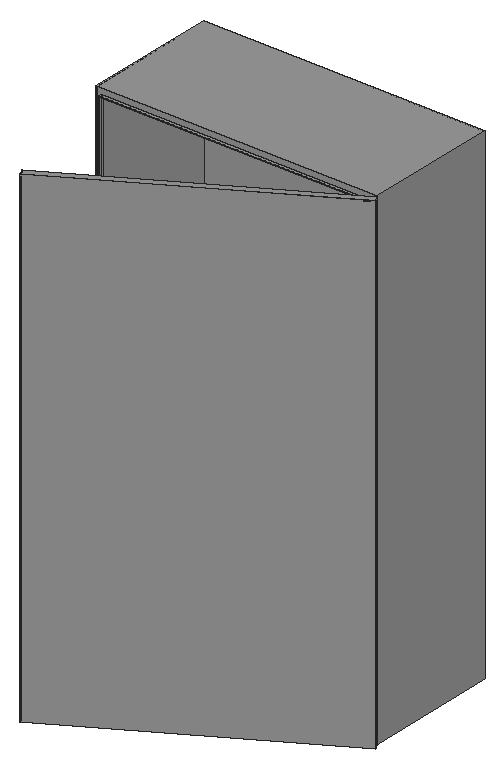
Revit family "Hager-Univers-IP55-D400-H1400-Cl.II-Steel_encl-NoHosted-PL-pl", category Electrical Equipment, Revit 2020
Family settings
  Panel Configuration = Two Columns, Circuits Across
  Round Connector Dimension = Use Diameter
  Part Type = Panelboard
  Work Plane-Based = Yes
  Always vertical = Yes
  Cut with Voids When Loaded = No
  Shared = No
  Room Calculation Point = No
Parameters (values of type "Montaż natynkowy IP55 S800 W1400 G400  - FR93H")
  Width Control [instance] = if([EF000008 - Szerokość] > Min Width, [EF000008 - Szerokość], Min Width)  # 800 mm
  Type Comments = [HG000003 - Zakres]  # "Univers"
  Thickness Door [instance] = if([EF009171 - Drzwi/pokrywa z materiału o wysokiej wytrzymałości mechanicznej] > 3 mm, 3 mm, [EF009171 - Drzwi/pokrywa z materiału o wysokiej wytrzymałości mechanicznej])  # 1.5 mm
  Seal Frame Offset [instance] = 17 mm  # constant formula
  Plinth Visibility [instance] = [HG000027 - Wysokość cokołu] > 0 mm  # no
  Min Width [instance] = 100 mm  # constant formula
  Min Depth [instance] = (2 * [EF009170 - Obudowa z materiału o wysokiej wytrzymałości mechanicznej]) + 1 mm  # 4 mm
  Min Height [instance] = 100 mm  # constant formula
  Internal Frame Depth [instance] = (Door System Depth * 0.5)  # 9 mm
  Panel Name [instance] = ""  # (empty or 0)
  Model = ""
  HG000027 - Wysokość cokołu = 0 mm
  HG000026 - Stojąca = no
  HG000024 - Wysokość części dolnej = 600 mm
  HG000023 - Obudowa dwusekcyjna = no
  HG000016 - Widoczność drzwi w widoku 3D [instance] = yes
  HG000015 - Przestrzeń robocza - otwarcie drzwi [instance] = no
  HG000014 - Drzwi prawe [instance] = yes
  HG000013 - Drzwi lewe [instance] = not([HG000014 - Drzwi prawe])  # no
  HG000012 - Kąt otwarcia drzwi [instance] = 30.00°
  HG000010 - Drzwi asymetryczne = no
  HG000009 - Drzwi dwuskrzydłowe = no
  HG000006 - Montaż podtynkowy = no
  HG000004 - Referencja producenta = "FR93H"
  HG000003 - Zakres = "Univers"
  HG000002 - Z drzwiami lub pokrywą = yes
  Frame Offset Bottom [instance] = 10 mm  # constant formula
  Frame Offset [instance] = 15 mm  # constant formula
  EF015940 - Pokrywa z wyzwalaczem nadciśnieniowym = no
  EF011959 - Stopień ochrony (NEMA) = ""
  EF009554 - Liczba otworów pod flansze = 6
  EF009212 - Wykonanie pokrywy = "EV000116 - Zamknięty"
  EF009171 - Drzwi/pokrywa z materiału o wysokiej wytrzymałości mechanicznej = 1.5 mm
  EF009170 - Obudowa z materiału o wysokiej wytrzymałości mechanicznej = 1.5 mm
  EF008873 - Prąd znamionowy (In) = 800 A
  EF007800 - Do ochrony odgromowej = no
  EF006306 - Z zamkiem = no
  EF006244 - Transparentna pokrywa/drzwi = no
  EF005474 - Stopień ochrony (IP) = "EV006420 - IP55"
  EF004464 - Rodzaj drzwi = "EV002646 - Pojedynczy"
  EF004427 - Liczba modułów = 324
  EF004293 - Odporność udarowa = "EV008784 - IK10"
  EF003532 - Do zastosowań zewnętrznych = no
  EF002950 - Szerokość wyrażona liczbą modułów = 24
  EF001613 - Podtrzymanie funkcji = "EV000494 - Brak"
  EF001596 - Materiał obudowy = "EV000179 - Stal"
  EF001131 - Głębokość wewnętrzna = 400 mm
  EF001088 - Możliwość rozbudowy = yes
  EF000437 - Liczba wejść kablowych = 6
  EF000339 - Rodzaj pokrywy = "EV004216 - Drzwi"
  EF000266 - Liczba rzędów = 9
  EF000218 - Głębokość wbudowania = 0 mm
  EF000118 - Z płytą montażową = no
  EF000116 - Numer RAL = "7035"
  EF000049 - Głębokość = 400 mm
  EF000040 - Wysokość = 1400 mm
  EF000008 - Szerokość = 800 mm
  EF000007 - Kolor = "EV000270 - Szary"
  EF000003 - Sposób montażu = "EV000384 - Montaż natynkowy"
  Door System Leaf Tolerance [instance] = 1.5 mm  # constant formula
  Door System Depth [instance] = 18 mm  # constant formula
  Door Height [instance] = Height Control - [HG000027 - Wysokość cokołu]  # 1400 mm
  Description = ""
  Default Elevation = 1219.2 mm
  Connector Offset [instance] = Height Control / 2  # 700 mm
  Manufacturer = "Hager"  # constant formula
  Height Control [instance] = if([EF000040 - Wysokość] > Min Height, [EF000040 - Wysokość], Min Height)  # 1400 mm
  Depth Control [instance] = if([EF000049 - Głębokość] > Min Depth, [EF000049 - Głębokość], Min Depth)  # 400 mm
  Bottom Top Plate Trim [instance] = 1.5 mm  # constant formula
  Plinth height Ctrl [instance] = if([HG000027 - Wysokość cokołu] > 0 mm, [HG000027 - Wysokość cokołu], 12 mm)  # 12 mm
Types (3, lengths in mm): name | Width Control | HG000009 - Drzwi dwuskrzydłowe | HG000004 - Referencja producenta | EF009554 - Liczba otworów pod flansze | EF004464 - Rodzaj drzwi | EF004427 - Liczba modułów | EF000437 - Liczba wejść kablowych | EF000008 - Szerokość
  Montaż natynkowy IP55 S1050 W1400 G400  - FR94H | 1050 | yes | "FR94H" | 8 | "EV003602 - Podwójny" | 432 | 8 | 1050
  Montaż natynkowy IP55 S550 W1400 G400  - FR92H | 550 | no | "FR92H" | 4 | "EV002646 - Pojedynczy" | 216 | 4 | 550
  Montaż natynkowy IP55 S800 W1400 G400  - FR93H | 800 | no | "FR93H" | 6 | "EV002646 - Pojedynczy" | 324 | 6 | 800
Reference planes
  plane 1 "Center (Front/Back)": y = 0
  plane 2: z = 0
  plane 3 "Center (Left/Right)": x = 0
  plane 4: y = 0
  plane 5: y = 0
  plane 6: z = 0
  plane 7: x = -400
  plane 8: x = 400
  plane 9: x = 398.5
  plane 10: x = -398.5
  plane 11: z = 0
  plane 12: z = 1.5
  plane 13: y = -400
  plane 14: y = -1.5
  plane 15: x = 0
  plane 16: y = -382
  plane 17: y = -398.5
  plane 18: y = -380.5
  plane 19: x = -383.5
  plane 20: x = 383.5
  plane 21: z = 11.5
  plane 22: x = -383
  plane 23: x = 383
  plane 24: z = 0
  plane 25: z = 1400
  plane 26: z = 1400
  plane 27: z = 1383.5
  plane 28: z = 1398.5
Forms (mm)
  Extrusion 1, solid, material "Hager_Steel_RAL7035_Light_Grey", detail levels medium+fine
    sketch origin (-208.679, -4572, 0) x (-1, 0, 0) y (0, -1, 0)
      loop
        line (191.321, -4190) -> (-608.679, -4190) -> (-608.679, -4572) -> (191.321, -4572) -> (191.321, -4190)
    from 0 to 1400
  Extrusion 2, void
    sketch origin (-350.771, -400, 1219.2) x (1, 0, 0) y (0, 0, 1)
      loop
        line (-47.729, 179.3) -> (-47.729, -1217.7) -> (749.271, -1217.7) -> (749.271, 179.3) -> (-47.729, 179.3)
    from -19.5 to -398.5
  Extrusion 3, void
    sketch origin (-290.084, -382, 1219.2) x (1, 0, 0) y (0, 0, 1)
      loop
        line (-93.416, -1207.7) -> (673.584, -1207.7) -> (673.584, 164.3) -> (-93.416, 164.3) -> (-93.416, -1207.7)
    from 0 to -1.5
  Extrusion 4, solid, material "Hager_Steel_RAL7035_Light_Grey", visible <- "Plinth Visibility", detail levels medium+fine
    sketch origin (0, 0, 0) x (1, 0, 0) y (0, 1, 0)
      loop
        line (-400, 0) -> (-400, -382) -> (400, -382) -> (400, 0) -> (-400, 0)
    from 0 to 12 <- "Plinth height Ctrl"
  Extrusion 5, solid, material "Hager_Steel_RAL7035_Light_Grey", detail levels coarse
    sketch origin (0, 0, 0) x (1, 0, 0) y (0, 1, 0)
      loop
        line (-400, 0) -> (-400, -400) -> (400, -400) -> (400, 0) -> (-400, 0)
    from 0 to 1400 <- "Height Control"
  Sweep 6, void
    path in 3D
      loop
        line (-400, -382, 12) -> (400, -382, 12) -> (400, 0, 12) -> (-400, 0, 12) -> (-400, -382, 12)
    profile origin (-400, -191, 12) x (1, 0, 0) y (0, 0, 1)
      loop
        line (0, 0) -> (0, -1.5) -> (1.5, -1.5)
        arc (1.5, -1.5) -> (1.061, -0.439) -> (0, 0) r 1.5
  Extrusion 7, solid, material "Hager_Steel_RAL7035_Light_Grey", detail levels fine
    sketch origin (-400, -382, 0) x (1, 0, 0) y (0, 0, 1)
      loop
        line (16.5, 11.5) -> (783.5, 11.5) -> (783.5, 1383.5) -> (16.5, 1383.5) -> (16.5, 11.5)
      loop
        line (15, 10) -> (785, 10) -> (785, 1385) -> (15, 1385) -> (15, 10)
    from 0 to 9 <- "Internal Frame Depth"
Cuts and joins
  Extrusion 2, Extrusion 3 cuts Extrusion 1
  Sweep 6 cuts Extrusion 4
Lines and regions (mm)
  Masking region 1
    outline origin (0, 0, 0) x (1, 0, 0) y (0, 1, 0)
      loop
        line (-400, 0) -> (-400, -400) -> (400, -400) -> (400, 0) -> (-400, 0)
  Masking region 2, detail levels coarse
    outline origin (-290.084, -382, 1219.2) x (-1, 0, 0) y (0, 0, 1)
      loop
        line (-690.084, -1219.2) -> (109.916, -1219.2) -> (109.916, 180.8) -> (-690.084, 180.8) -> (-690.084, -1219.2)
  Masking region 3, detail levels coarse
    outline origin (0, 0, 0) x (0, 1, 0) y (0, 0, 1)
      loop
        line (0, 0) -> (0, 1400) -> (-400, 1400) -> (-400, 0) -> (0, 0)
  Masking region 4, visible <- "Plinth Visibility", detail levels medium+fine
    outline origin (0, 0, 0) x (0, 1, 0) y (0, 0, 1)
      loop
        line (-1.5, 12) -> (-380.5, 12)
        arc (-380.5, 12) -> (-380.939, 10.939) -> (-382, 10.5) r 1.5
        line (-382, 10.5) -> (-382, 0) -> (0, 0) -> (0, 10.5)
        arc (0, 10.5) -> (-1.061, 10.939) -> (-1.5, 12) r 1.5
  Masking region 5, detail levels medium+fine
    outline origin (0, 0, 594.038) x (0, 1, 0) y (0, 0, 1)
      loop
        line (0, -594.038) -> (0, 805.962) -> (-382, 805.962) -> (-382, -594.038) -> (0, -594.038)
  Masking region 6, detail levels medium+fine
    outline origin (-359.7, -382, 1211.883) x (-1, 0, 0) y (0, 0, 1)
      loop
        line (-759.7, -1211.883) -> (40.3, -1211.883) -> (40.3, 188.117) -> (-759.7, 188.117) -> (-759.7, -1211.883)
  Masking region 7, visible <- "Plinth Visibility", detail levels medium+fine
    outline origin (-320.334, -382, 1041.368) x (-1, 0, 0) y (0, 0, 1)
      loop
        line (-720.334, -1041.368) -> (79.666, -1041.368) -> (79.666, -1030.868)
        arc (79.666, -1030.868) -> (78.606, -1030.429) -> (78.166, -1029.368) r 1.5
        line (78.166, -1029.368) -> (-718.834, -1029.368)
        arc (-718.834, -1029.368) -> (-719.273, -1030.429) -> (-720.334, -1030.868) r 1.5
        line (-720.334, -1030.868) -> (-720.334, -1041.368)
  sketch lines
    curve 1: line (-400, 0, 12) -> (-400, -382, 12)
    curve 2: line (-400, -382, 12) -> (400, -382, 12)
    curve 3: line (400, 0, 12) -> (-400, 0, 12)
    curve 4: line (400, -382, 12) -> (400, 0, 12)
Dimensions and locks
  locked: plane 1 "Center (Front/Back)" to plane 5
  "EF009170 - Obudowa z materiału o wysokiej wytrzymałości mechanicznej": plane 7 to plane 10
  "EF009170 - Obudowa z materiału o wysokiej wytrzymałości mechanicznej": plane 8 to plane 9
  equal spacing: plane 7, plane 3 "Center (Left/Right)", plane 8
  "Width Control": plane 7 to plane 8
  "Depth Control": plane 4 to plane 13
  "EF009170 - Obudowa z materiału o wysokiej wytrzymałości mechanicznej": plane 4 to plane 14
  "Height Control": plane 25 to level
  "HG000027 - Wysokość cokołu": plane 11 to level
  "EF009170 - Obudowa z materiału o wysokiej wytrzymałości mechanicznej": plane 12 to plane 11
  "EF009170 - Obudowa z materiału o wysokiej wytrzymałości mechanicznej": plane 17 to plane 13
  "EF009170 - Obudowa z materiału o wysokiej wytrzymałości mechanicznej": plane 18 to plane 16
  "Frame Offset Bottom": plane 21 to plane 12
  "Frame Offset": plane 10 to plane 19
  "Frame Offset": plane 9 to plane 20
  "Door System Depth": plane 16 to plane 13
  "Seal Frame Offset": plane 7 to plane 22
  "Seal Frame Offset": plane 8 to plane 23
  "EF009170 - Obudowa z materiału o wysokiej wytrzymałości mechanicznej": plane 26 to plane 28
  "Frame Offset": plane 28 to plane 27
  "Connector Offset": plane 2 to connector elem
  "Bottom Top Plate Trim": profile plane to Sweep 6 sketch curve
  "Bottom Top Plate Trim": Sweep 6 sketch curve to Sweep 6 sketch curve
  "Plinth height Ctrl": Masking region 4 sketch curve to level
  "Plinth height Ctrl": Masking region 7 sketch curve to level
  "Thickness Door": Extrusion 7 sketch curve to Extrusion 7 sketch curve  (x4)
  "Bottom Top Plate Trim": radius of Sweep 6 sketch curve
  "Bottom Top Plate Trim": radius of Masking region 4 sketch curve  (x2)
  "Bottom Top Plate Trim": radius of Masking region 7 sketch curve  (x2)
  aligned and locked: Extrusion 2 sketch curve to plane 12
  aligned and locked: Extrusion 2 sketch curve to plane 9
  aligned and locked: Extrusion 2 sketch curve to plane 10
  aligned and locked: Extrusion 2 to plane 14
  aligned and locked: Extrusion 1 sketch curve to plane 4
  aligned and locked: plane 8 to Extrusion 1 sketch curve
  aligned and locked: plane 7 to Extrusion 1 sketch curve
  aligned and locked: Extrusion 2 to plane 18
  aligned and locked: Extrusion 3 sketch curve to plane 19
  aligned and locked: plane 20 to Extrusion 3 sketch curve
  aligned and locked: Extrusion 3 to Extrusion 2
  aligned and locked: Extrusion 3 sketch curve to plane 21
  aligned and locked: plane 3 "Center (Left/Right)" to nested 1
  aligned and locked: Extrusion 1 sketch curve to plane 16
  aligned and locked: Extrusion 4 sketch curve to cut or joined group of Extrusion 1, Extrusion 2, Extrusion 3
  aligned and locked: Masking region 1 sketch curve to plane 7
  aligned and locked: Masking region 1 sketch curve to plane 5
  aligned and locked: Masking region 1 sketch curve to plane 8
  aligned and locked: Masking region 2 sketch curve to level
  aligned and locked: level to Masking region 3 sketch curve
  aligned and locked: plane 1 "Center (Front/Back)" to Masking region 3 sketch curve
  aligned and locked: plane 13 to Masking region 3 sketch curve
  aligned and locked: plane 5 to Masking region 4 sketch curve
  aligned and locked: Masking region 2 sketch curve to plane 8
  aligned and locked: Masking region 2 sketch curve to plane 7
  aligned and locked: plane 7 to nested 2
  aligned and locked: nested 2 to plane 5
  aligned and locked: plane 5 to Masking region 5 sketch curve
  aligned and locked: plane 26 to Masking region 5 sketch curve
  aligned and locked: Extrusion 5 sketch curve to plane 8
  aligned and locked: Extrusion 5 sketch curve to plane 7
  aligned and locked: Extrusion 5 sketch curve to plane 5
  aligned and locked: Extrusion 3 sketch curve to plane 27
  aligned and locked: Extrusion 2 sketch curve to plane 28
  aligned and locked: Masking region 2 to plane 25
  aligned and locked: Extrusion 4 to plane 16
  aligned and locked: profile plane to Sweep 6 sketch curve
  aligned and locked: Masking region 5 sketch curve to plane 24
  aligned and locked: level to Masking region 4 sketch curve
  aligned and locked: Masking region 1 to plane 13
  aligned and locked: nested 1 to plane 16
  aligned and locked: Masking region 3 to plane 25
  aligned and locked: plane 16 to Masking region 4 sketch curve
  aligned and locked: Masking region 5 sketch curve to plane 16
  aligned and locked: plane 24 to plane 11
  aligned and locked: plane 26 to plane 25
  aligned and locked: plane 26 to cut or joined group of Extrusion 1, Extrusion 2, Extrusion 3
  aligned and locked: nested 1 to plane 24
  aligned and locked: Extrusion 1 to Extrusion 3
  aligned and locked: Masking region 6 sketch curve to plane 8
  aligned and locked: Masking region 6 sketch curve to plane 24
  aligned and locked: Masking region 6 sketch curve to plane 7
  aligned and locked: Masking region 6 sketch curve to plane 26
  aligned and locked: Masking region 7 sketch curve to plane 7
  aligned and locked: level to Masking region 7 sketch curve
  aligned and locked: Masking region 7 sketch curve to plane 8
  aligned and locked: Extrusion 7 sketch curve to cut or joined group of Extrusion 1, Extrusion 2, Extrusion 3  (x4)
Automatic sketch dimensions
  plane 19 to Extrusion 3 sketch curve = 0 mm
  Extrusion 3 sketch curve to plane 20 = 0 mm
  Extrusion 3 sketch curve to plane 21 = 0 mm
  Extrusion 4 sketch curve to plane 7 = 0 mm
  Extrusion 4 sketch curve to plane 8 = 0 mm
  Extrusion 4 sketch curve to plane 16 = 0 mm
  Masking region 1 sketch curve to plane 13 = 0 mm
  Masking region 2 sketch curve to plane 25 = 0 mm
  Masking region 3 sketch curve to plane 25 = 0 mm
  Extrusion 5 sketch curve to plane 13 = 0 mm
  profile plane to Sweep 6 sketch curve = 0 mm
Nested families
  nested 1: "EC000058_Univers_Door" at (0, -382, 0), Double <- "HG000009 - Drzwi dwuskrzydłowe", Transparent <- "EF006244 - Transparentna pokrywa/drzwi", Angle <- "HG000012 - Kąt otwarcia drzwi", Door_Right <- "HG000014 - Drzwi prawe", Assymetrical <- "HG000010 - Drzwi asymetryczne", Door <- "HG000002 - Z drzwiami lub pokrywą", Width_Ctrl <- "Width Control", 3d_Door <- "HG000016 - Widoczność drzwi w widoku 3D", Clearance <- "HG000015 - Przestrzeń robocza - otwarcie drzwi", Door_Left <- "HG000013 - Drzwi lewe", Width <- "Width Control", Door_Depth <- "Door System Depth", Leaf_Tolerance <- "Door System Leaf Tolerance", Height <- "Door Height", Lock_Visibility <- "EF006306 - Z zamkiem", Thickness <- "Thickness Door", type "EC000058_Univers_Door", detail levels medium+fine
    with min_wh 4 mm, Width_Ctrl 800 mm, Width 800 mm, Transparent no, Thickness 1.5 mm, Seal_Material Hager_Rubber, Lock_Visibility no, Lock_Material Hager_Plastic_RAL9005_Jet_Black, Leaf_Width 800 mm, Leaf_Tolerance_External_Sides 0 mm, Leaf_Tolerance 1.5 mm, Leaf_Offset 0 mm, Leaf_Height 1397 mm, Leaf_2_Width 800 mm, Leaf_2_Offset 400 mm, Leaf_1_Width 800 mm, Leaf_1_Offset 400 mm, Height_Ctrl 1400 mm, Height 1400 mm, Glass_Material Hager_Glass, Double_Clearance_Ctrl no, Double no, Door_Right_Ctrl yes, Door_Right yes, Door_Material Hager_Steel_RAL7035_Light_Grey, Door_Left_Ctrl no, Door_Left no, Door_Depth 18 mm, Door yes, Clearance_Material Hager_Clearance, Clearance_Depth 800 mm, Clearance_Ctrl no, Clearance no, Assymetrical no, Angle 30.00°, 3d_Door yes
  nested 2: "Hager_Enclosure_Symbol" at (-400, 0, 0), Height <- "Depth Control", Width <- "Width Control", type "Hager_Enclosure_Symbol"
    with Width_Ctrl 800 mm, Width 800 mm, Height_Ctrl 400 mm, Height 400 mm, A_Width_Int 26.25 mm, A_Width 315 mm, A_Height_Ctrl 350 mm, A_Height 350 mm
Connectors
  electrical at (0, 0, 700)
    settings: on plane 1 "Center (Front/Back)", index 1, voltage 0 V, apparent load 0 VA, apparent load phase1 0 VA, apparent load phase2 0 VA, apparent load phase3 0 VA, power factor 1, load classification "Other", number of poles 1, system type 30, power factor state 1, is connector primary yes, connector utility no, sub classification motor no, connector description ""
Definition of nested family "EC000058_Univers_Door"
  Parameters (values of type "EC000058_Univers_Door")
    min_wh [instance] = (2 * Thickness) + 1 mm  # 11 mm
    Width_Ctrl [instance] = 400 mm
    Width [instance] = 500 mm
    Transparent [instance] = yes
    Thickness [instance] = 5 mm
    Seal_Material [instance] = none
    Lock_Visibility [instance] = yes
    Lock_Material [instance] = none
    Leaf_Width [instance] = if((Width_Ctrl - 2 * Leaf_Tolerance_External_Sides) > 0 mm, (Width_Ctrl - 2 * Leaf_Tolerance_External_Sides), min_wh)  # 400 mm
    Leaf_Tolerance_External_Sides [instance] = 0 mm  # constant formula
    Leaf_Tolerance [instance] = 1.5 mm
    Leaf_Offset [instance] = 0 mm  # constant formula
    Leaf_Height [instance] = if((Height_Ctrl - 2 * Leaf_Tolerance) > 0 mm, (Height_Ctrl - 2 * Leaf_Tolerance), min_wh)  # 497 mm
    Leaf_2_Width [instance] = if(and(and(Double, Assymetrical), Door_Left), (Leaf_Width / 3) - (Leaf_Tolerance / 2), if(and(and(Double, Assymetrical), Door_Right), (Leaf_Width / 3) * 2 - (Leaf_Tolerance / 2), if(and(Double, not(Assymetrical)), (Leaf_Width / 2) - Leaf_Tolerance, Leaf_Width)))  # 400 mm
    Leaf_2_Offset [instance] = if(and(Double, Assymetrical), Leaf_2_Width / 2, if(and(Double, not(Assymetrical)), Leaf_Width / 4, Leaf_Width / 2))  # 200 mm
    Leaf_1_Width [instance] = if(and(and(Double, Assymetrical), Door_Right), (Leaf_Width / 3) - (Leaf_Tolerance / 2), if(and(and(Double, Assymetrical), Door_Left), (Width / 3) * 2 - (Leaf_Tolerance / 2), if(and(Double, not(Assymetrical)), (Leaf_Width / 2) - Leaf_Tolerance, Leaf_Width)))  # 400 mm
    Leaf_1_Offset [instance] = if(and(Double, Assymetrical), Leaf_1_Width / 2, if(and(Double, not(Assymetrical)), Leaf_Width / 4, Leaf_Width / 2))  # 200 mm
    Height_Ctrl [instance] = if(Height > min_wh, Height, min_wh)  # 500 mm
    Height [instance] = 500 mm
    Glass_Material [instance] = none
    Double_Clearance_Ctrl [instance] = and(Double, Clearance)  # no
    Double [instance] = no
    Door_Right_Ctrl [instance] = and(or(Door_Right, Double), Door)  # yes
    Door_Right [instance] = yes
    Door_Material [instance] = none
    Door_Left_Ctrl [instance] = and(or(Door_Left, Double), Door)  # no
    Door_Left [instance] = no
    Door_Depth [instance] = 30 mm
    Door [instance] = yes
    Default Elevation = 1219.2 mm
    Clearance_Material [instance] = none
    Clearance_Depth [instance] = if(Leaf_1_Width > Leaf_2_Width, Leaf_1_Width, Leaf_2_Width)  # 400 mm
    Clearance_Ctrl [instance] = and(not(Double), Clearance)  # yes
    Clearance [instance] = yes
    Assymetrical [instance] = yes
    Angle [instance] = 30.00°
    3d_Door [instance] = yes
  Reference planes
    plane 1 "Center (Front/Back)": y = 0
    plane 2 "Bottom": z = 0
    plane 3 "Center (Left/Right)": x = 0
    plane 4: z = 500
    plane 5: x = -200
    plane 6: x = 200
    plane 7: z = 500
    plane 8: x = -200
    plane 9: z = 0
    plane 10: x = 200
    plane 11: y = 0
    plane 12: z = 1.5
    plane 13: x = -600
    plane 14: y = -400
    plane 15: x = 600
    plane 16: x = 0
    plane 17: x = 0
    plane 18: x = -200
    plane 19: x = 200
    plane 20: z = 498.5
  Forms (mm)
    Extrusion 1, solid, material <- "Clearance_Material", visible <- "Double_Clearance_Ctrl"
      sketch origin (1200, 0, 0) x (1, 0, 0) y (0, 0, -1)
        loop
          line (-1800, -498.5) -> (-600, -498.5) -> (-600, 0) -> (-1800, 0) -> (-1800, -498.5)
      from 0 to -400
  Dimensions and locks
    equal spacing: plane 5, plane 3 "Center (Left/Right)", plane 6
    "Width_Ctrl": plane 5 to plane 6
    "Leaf_Offset": plane 5 to plane 8
    "Leaf_Offset": plane 6 to plane 10
    "Leaf_Offset": plane 9 to level
    "Leaf_Offset": plane 4 to plane 7
    "Height_Ctrl": plane 4 to level
    "Leaf_Tolerance": plane 12 to plane 9
    locked: plane 11 to plane 1 "Center (Front/Back)"
    "Leaf_1_Offset": plane 18 to plane 16
    "Leaf_2_Offset": plane 17 to plane 19
    "Leaf_1_Width": plane 13 to plane 8
    "Leaf_2_Width": plane 10 to plane 15
    "Clearance_Depth": plane 14 to plane 1 "Center (Front/Back)"
    "Leaf_Tolerance_External_Sides": plane 8 to plane 18
    "Leaf_Tolerance_External_Sides": plane 19 to plane 10
    "Leaf_Tolerance": plane 7 to plane 20
    aligned and locked: level to plane 2 "Bottom"
    aligned and locked: nested 1 to plane 16
    aligned and locked: nested 2 to plane 17
    aligned and locked: Extrusion 1 to plane 13
    aligned and locked: plane 15 to Extrusion 1
    aligned and locked: Extrusion 1 to plane 14
    aligned and locked: plane 12 to nested 1
    aligned and locked: nested 2 to plane 12
    aligned and locked: Extrusion 1 to plane 11
    aligned and locked: plane 20 to Extrusion 1
    aligned and locked: nested 2 to plane 11
    aligned and locked: nested 1 to plane 11
  Automatic sketch dimensions
    Extrusion 1 sketch curve to level = 0 mm
    plane 5 to Extrusion 1 sketch curve = 400 mm
    plane 6 to Extrusion 1 sketch curve = 400 mm
    Extrusion 1 sketch curve to plane 4 = 1.5 mm
  Nested families
    nested 1: "EC000058_Univers_Door_Leaf" at (0, 0, 1.5), Width <- "Leaf_1_Width", visible <- "Door_Left_Ctrl", Leaf_Height <- "Leaf_Height", Angle <- "Angle", 3d_Door <- "3d_Door", Transparent <- "Transparent", Clearance Material <- "Clearance_Material", Clearance <- "Clearance_Ctrl", Door_Material <- "Door_Material", Glass_Material <- "Glass_Material", Door_Depth <- "Door_Depth", Lock_Material <- "Lock_Material", Seal_Material <- "Seal_Material", Lock_Visibility <- "Lock_Visibility", Thickness <- "Thickness", type "EC000058_Univers_Door_Leaf"
      with Width 400 mm, Transparent_Glass_Offset 30 mm, Transparent_Ctrl yes, Transparent yes, Thickness 5 mm, Standard no, Seal_Material none, Seal_D2 8 mm, Seal_D1 1 mm, Offset_Internal_Frame 10 mm, Lock_Width 20 mm, Lock_Visibility_3d yes, Lock_Visibility yes, Lock_Thickness_3 3 mm, Lock_Thickness_2 1 mm, Lock_Thickness_1 3 mm, Lock_Radius_Offset_2 16 mm, Lock_Radius_Offset_1 15 mm, Lock_Radius_2 5 mm, Lock_Radius 6 mm, Lock_Offset 5 mm, Lock_Material none, Lock_Height 80 mm, Lock_Cover_Top_Offset_2d 17 mm, Lock_Cover_Height -65 mm, Leaf_Height 497 mm, Internal_Seal_Thickness 8 mm, Internal_Seal_Depth_2 4.5 mm, Internal_Frame_Depth 25 mm, Glass_Thickness -1 mm, Glass_Offset -2 mm, Glass_Material none, Door_Material none, Door_Depth 30 mm, Clearance Material none, Clearance yes, Angle_Ctrl 30.00°, Angle 30.00°, 3d_Door yes
    nested 2: "EC000058_Univers_Door_Leaf" at (0, 0, 1.5) x (-1, 0, 0) z (0, 0, 1), Width <- "Leaf_2_Width", visible <- "Door_Right_Ctrl", Leaf_Height <- "Leaf_Height", Angle <- "Angle", 3d_Door <- "3d_Door", Transparent <- "Transparent", Clearance Material <- "Clearance_Material", Clearance <- "Clearance_Ctrl", Door_Material <- "Door_Material", Glass_Material <- "Glass_Material", Door_Depth <- "Door_Depth", Lock_Material <- "Lock_Material", Seal_Material <- "Seal_Material", Lock_Visibility <- "Lock_Visibility", Thickness <- "Thickness", type "EC000058_Univers_Door_Leaf"
      with Width 400 mm, Transparent_Glass_Offset 30 mm, Transparent_Ctrl yes, Transparent yes, Thickness 5 mm, Standard no, Seal_Material none, Seal_D2 8 mm, Seal_D1 1 mm, Offset_Internal_Frame 10 mm, Lock_Width 20 mm, Lock_Visibility_3d yes, Lock_Visibility yes, Lock_Thickness_3 3 mm, Lock_Thickness_2 1 mm, Lock_Thickness_1 3 mm, Lock_Radius_Offset_2 16 mm, Lock_Radius_Offset_1 15 mm, Lock_Radius_2 5 mm, Lock_Radius 6 mm, Lock_Offset 5 mm, Lock_Material none, Lock_Height 80 mm, Lock_Cover_Top_Offset_2d 17 mm, Lock_Cover_Height -65 mm, Leaf_Height 497 mm, Internal_Seal_Thickness 8 mm, Internal_Seal_Depth_2 4.5 mm, Internal_Frame_Depth 25 mm, Glass_Thickness -1 mm, Glass_Offset -2 mm, Glass_Material none, Door_Material none, Door_Depth 30 mm, Clearance Material none, Clearance yes, Angle_Ctrl 30.00°, Angle 30.00°, 3d_Door yes
  Definition of nested family "EC000058_Univers_Door_Leaf"
    Parameters (values of type "EC000058_Univers_Door_Leaf")
      Width [instance] = 2000 mm
      Transparent_Glass_Offset [instance] = 30 mm
      Transparent_Ctrl [instance] = and(Transparent, [3d_Door])  # yes
      Transparent [instance] = yes
      Thickness [instance] = 5 mm
      Standard [instance] = and(not(Transparent), [3d_Door])  # no
      Seal_Material [instance] = none
      Seal_D2 [instance] = 8 mm  # constant formula
      Seal_D1 [instance] = 1 mm  # constant formula
      Offset_Internal_Frame [instance] = 10 mm  # constant formula
      Lock_Width [instance] = 20 mm  # constant formula
      Lock_Visibility_3d [instance] = and(Lock_Visibility, [3d_Door])  # yes
      Lock_Visibility [instance] = yes
      Lock_Thickness_3 [instance] = 3 mm  # constant formula
      Lock_Thickness_2 [instance] = 1 mm  # constant formula
      Lock_Thickness_1 [instance] = 3 mm  # constant formula
      Lock_Radius_Offset_2 [instance] = Lock_Radius_Offset_1 + 1 mm  # 16 mm
      Lock_Radius_Offset_1 [instance] = 15 mm  # constant formula
      Lock_Radius_2 [instance] = Lock_Radius - 1 mm  # 5 mm
      Lock_Radius [instance] = 6 mm  # constant formula
      Lock_Offset [instance] = 5 mm  # constant formula
      Lock_Material [instance] = none
      Lock_Height [instance] = 80 mm  # constant formula
      Lock_Cover_Top_Offset_2d [instance] = Lock_Radius_Offset_2 + 1 mm  # 17 mm
      Lock_Cover_Height [instance] = -(Lock_Height - Lock_Radius_Offset_1)  # -65 mm
      Leaf_Height [instance] = 2720.336 mm
      Internal_Seal_Thickness [instance] = 8 mm  # constant formula
      Internal_Seal_Depth_2 [instance] = 4.5 mm  # constant formula
      Internal_Frame_Depth [instance] = if(Door_Depth - Thickness > 5 mm, Door_Depth - Thickness, 5 mm)  # 25 mm
      Glass_Thickness [instance] = if(Thickness > 15 mm, Glass_Offset + 10 mm, -1 mm)  # -1 mm
      Glass_Offset [instance] = if(Thickness > 15 mm, -(Thickness + 10 mm) / 2, -2 mm)  # -2 mm
      Glass_Material [instance] = none
      Door_Material [instance] = none
      Door_Depth [instance] = 30 mm
      Default Elevation = 0 mm
      Clearance Material [instance] = none
      Clearance [instance] = yes
      Angle_Ctrl [instance] = if(Angle > 180.00°, 180.00°, Angle)  # 90.00°
      Angle [instance] = 90.00°
      3d_Door [instance] = yes
    Reference planes
      plane 1 "Center (Front/Back)": y = 0
      plane 2: z = 0
      plane 3 "Center (Left/Right)": x = 0
      plane 4: y = 2000
      plane 5: x = -1000
      plane 6: x = 1000
      plane 7: x = -3000
      plane 8: z = 2720.336
      plane 9: z = 30
      plane 10: z = 2690.336
      plane 11: x = 970
      plane 12: x = -970
      plane 13: y = -3
      plane 14: z = 107.833
      plane 15: y = -5
      plane 16: y = -223.314
      plane 17: x = -1000
      plane 18: z = 1360.168
      plane 19: y = 30
    Forms (mm)
      Extrusion 1, solid, material <- "Clearance Material", visible <- "Clearance"
        sketch origin (0, 0, 0) x (1, 0, 0) y (0, 0, 1)
          loop
            line (-3000, 2720.336) -> (-3000, 0) -> (1000, 0) -> (1000, 2720.336) -> (-3000, 2720.336)
        from 0 to -2000
      Extrusion 2, solid, material <- "Door_Material", visible <- "Standard", detail levels medium+fine
        sketch origin (-1000, 0, 0) x (0, 1, 0) y (-1, 0, 0)
          loop
            line (0, 30) -> (0, 25) -> (2000, 25) -> (2000, 30) -> (0, 30)
        from 0 to 2720.336 <- "Leaf_Height"
      Extrusion 3, solid, material <- "Door_Material", visible <- "Transparent_Ctrl", detail levels medium+fine
        sketch origin (-1000, 0, 0) x (0, 1, 0) y (-1, 0, 0)
          loop
            line (0, 25) -> (2000, 25) -> (2000, 30) -> (0, 30) -> (0, 25)
        from 0 to 2720.336 <- "Leaf_Height"
      Extrusion 4, void
        sketch origin (-1025, 2000, 0) x (0, 1, 0) y (0, 0, -1)
          loop
            line (-30, -2690.336) -> (-30, -30) -> (-1970, -30) -> (-1970, -2690.336) -> (-30, -2690.336)
        from 0 to 5 <- "Thickness"
      Sweep 5, solid, material <- "Seal_Material", visible <- "Transparent_Ctrl", detail levels fine
        path in 3D
          loop
            line (-1025, 30, 30) -> (-1025, 30, 2690.336) -> (-1025, 1970, 2690.336) -> (-1025, 1970, 30) -> (-1025, 30, 30)
        profile origin (-1025, 1000, 30) x (1, 0, 0) y (0, 0, 1)
          loop
            line (0, 0) -> (0, -8) -> (1, -8) -> (1, 0) -> (0, 0)
      Extrusion 6, solid, material <- "Glass_Material", visible <- "Transparent_Ctrl", detail levels medium+fine
        sketch origin (-1030, 0, 0) x (0, 1, 0) y (0, 0, -1)
          loop
            line (1970, -2690.336) -> (1970, -30) -> (30, -30) -> (30, -2690.336) -> (1970, -2690.336)
        from -2 <- "Glass_Offset" to -1 <- "Glass_Thickness"
      Extrusion 7, solid, material <- "Door_Material", visible <- "3d_Door", detail levels medium+fine
        sketch origin (-1025, 2000, 0) x (0, -1, 0) y (0, 0, -1)
          loop
            line (0, -2720.336) -> (2000, -2720.336) -> (2000, 0) -> (0, 0) -> (0, -2720.336)
          loop
            line (1995, -5) -> (5, -5) -> (5, -2715.336) -> (1995, -2715.336) -> (1995, -5)
        from 0 to 25 <- "Internal_Frame_Depth"
      Sweep 8, solid, material <- "Seal_Material", visible <- "Transparent_Ctrl", detail levels fine
        path in 3D
          loop
            line (-1025, 0, 0) -> (-1025, 2000, 0) -> (-1025, 2000, 2720.336) -> (-1025, 0, 2720.336) -> (-1025, 0, 0)
        profile origin (-1025, 0, 1360.168) x (1, 0, 0) y (0, 1, 0)
          loop
            line (0, 10) -> (2.975, 10)
            arc (2.975, 10) -> (4.053, 10.447) -> (4.5, 11.525) r 1.525
            line (4.5, 11.525) -> (4.5, 16.527)
            arc (4.5, 16.527) -> (4.069, 17.569) -> (3.027, 18) r 1.473
            line (3.027, 18) -> (0, 18) -> (0, 10)
      Extrusion 9, solid, material <- "Lock_Material", visible <- "Lock_Visibility_3d", detail levels fine
        sketch origin (-1030, 0, 0) x (0, 1, 0) y (0, 0, -1)
          loop
            arc (1993.5, -1400.168) -> (1994.561, -1399.729) -> (1995, -1398.668) r 1.5
            line (1995, -1398.668) -> (1995, -1320.168) -> (1975, -1320.168) -> (1975, -1398.668)
            arc (1975, -1398.668) -> (1975.439, -1399.729) -> (1976.5, -1400.168) r 1.5
            line (1976.5, -1400.168) -> (1993.5, -1400.168)
        from 3 <- "Lock_Thickness_1" to 0
      Blend 10, solid, material <- "Lock_Material", visible <- "Lock_Visibility_3d", detail levels fine
        base sketch origin (-1033, 0, 0) x (0, 1, 0) y (0, 0, -1)
          loop
            line (1975, -1320.168) -> (1975, -1398.668)
            arc (1975, -1398.668) -> (1975.439, -1399.729) -> (1976.5, -1400.168) r 1.5
            line (1976.5, -1400.168) -> (1993.5, -1400.168)
            arc (1993.5, -1400.168) -> (1994.561, -1399.729) -> (1995, -1398.668) r 1.5
            line (1995, -1398.668) -> (1995, -1320.168) -> (1975, -1320.168)
        top sketch origin (-1033, 0, 0) x (0, 1, 0) y (0, 0, -1)
          loop
            line (1976, -1320.168) -> (1976, -1398.668)
            arc (1976, -1398.668) -> (1976.146, -1399.022) -> (1976.5, -1399.168) r 0.5
            line (1976.5, -1399.168) -> (1993.5, -1399.168)
            arc (1993.5, -1399.168) -> (1993.854, -1399.022) -> (1994, -1398.668) r 0.5
            line (1994, -1398.668) -> (1994, -1320.168) -> (1976, -1320.168)
        from 0 to 1 <- "Lock_Thickness_2"
      Blend 11, solid, material <- "Lock_Material", visible <- "Lock_Visibility_3d", detail levels fine
        base sketch origin (-1034, 0, 0) x (0, 1, 0) y (0, 0, -1)
          loop
            line (1978, -1320.168) -> (1978, -1384.168)
            arc (1978, -1384.168) -> (1985, -1391.168) -> (1992, -1384.168) r 7
            line (1992, -1384.168) -> (1992, -1320.168) -> (1978, -1320.168)
        top sketch origin (-1034, 0, 0) x (0, 1, 0) y (0, 0, -1)
          loop
            line (1991, -1320.168) -> (1979, -1320.168) -> (1979, -1383.168)
            arc (1979, -1383.168) -> (1985, -1389.168) -> (1991, -1383.168) r 6
            line (1991, -1383.168) -> (1991, -1320.168)
        from 0 to 3 <- "Lock_Thickness_3"
      Extrusion 12, solid, material <- "Lock_Material", visible <- "Lock_Visibility_3d", detail levels fine
        sketch origin (-1030, 1975, 1320.168) x (1, 0, 0) y (0, -1, 0)
          loop
            line (-7, -19) -> (-7, -1) -> (0, -1) -> (0, 0) -> (-8, 0) -> (-8, -20) -> (0, -20) -> (0, -19) -> (-7, -19)
        from 0 to -65 <- "Lock_Cover_Height"
      Extrusion 13, void
        sketch origin (-1038, 1995, 1320.168) x (-1, 0, 0) y (0, 0, -1)
          loop
            line (-5, -65) -> (0, -65) -> (-5, -60) -> (-5, -65)
        from 0 to 20 <- "Lock_Width"
      Extrusion 14, void
        sketch origin (-1038, 1975, 1320.168) x (0, -1, 0) y (0, 0, -1)
          loop
            circle (-10, -15.995) r 6
          loop
            circle (-10, -15.995) r 5
        from 0 to 2
      Extrusion 15, solid, material <- "Lock_Material", visible <- "Lock_Visibility_3d", detail levels medium
        sketch origin (-1030, 0, 0) x (0, 1, 0) y (0, 0, -1)
          loop
            arc (1993.5, -1400.168) -> (1994.561, -1399.729) -> (1995, -1398.668) r 1.5
            line (1995, -1398.668) -> (1995, -1320.168) -> (1975, -1320.168) -> (1975, -1398.668)
            arc (1975, -1398.668) -> (1975.439, -1399.729) -> (1976.5, -1400.168) r 1.5
            line (1976.5, -1400.168) -> (1993.5, -1400.168)
        from 8 to 0
    Cuts and joins
      Extrusion 4 cuts Extrusion 3
      Extrusion 13, Extrusion 14 cuts Extrusion 9
      Extrusion 14 cuts Blend 11
      Extrusion 13, Extrusion 14 cuts Extrusion 12
      joined: Extrusion 9, Blend 10, Blend 11, Extrusion 12
      Extrusion 14 cuts Extrusion 15
    Lines and regions (mm)
      Masking region 1, visible <- "Lock_Visibility", detail levels fine
        outline origin (0, 0, 0) x (0, 1, 0) y (0, 0, 1)
          loop
            line (30, 1320.168) -> (33, 1320.168) -> (33, 1400.168) -> (30, 1400.168) -> (30, 1320.168)
      Masking region 2, visible <- "Lock_Visibility", detail levels fine
        outline origin (0, 3.143, 0) x (0, 1, 0) y (0, 0, 1)
          loop
            line (29.857, 1354.168) -> (30.857, 1354.168) -> (30.857, 1366.168) -> (29.857, 1366.168) -> (29.857, 1354.168)
      Masking region 3, detail levels medium+fine
        outline origin (0, 0, 0) x (0, 1, 0) y (0, 0, 1)
          loop
            line (0, 0) -> (30, 0) -> (30, 2720.336) -> (0, 2720.336) -> (0, 0)
      Masking region 4, detail levels medium+fine
        outline origin (0, 0, 0) x (1, 0, 0) y (0, 0, 1)
          loop
            line (-1000, 2720.336) -> (-1000, 0) -> (1000, 0) -> (1000, 2720.336) -> (-1000, 2720.336)
      Masking region 5, visible <- "Lock_Visibility", detail levels fine
        outline origin (-47.116, 0, 0) x (1, 0, 0) y (0, 0, 1)
          loop
            arc (1024.616, 1399.168) -> (1023.556, 1398.729) -> (1023.116, 1397.668) r 1.5
            line (1023.116, 1397.668) -> (1023.116, 1320.168) -> (1041.116, 1320.168) -> (1041.116, 1397.668)
            arc (1041.116, 1397.668) -> (1040.677, 1398.729) -> (1039.616, 1399.168) r 1.5
            line (1039.616, 1399.168) -> (1024.616, 1399.168)
      Masking region 6, visible <- "Lock_Visibility", detail levels medium+fine
        outline origin (-25, 0, 0) x (1, 0, 0) y (0, 0, 1)
          loop
            arc (1001.5, 1400.168) -> (1000.439, 1399.729) -> (1000, 1398.668) r 1.5
            line (1000, 1398.668) -> (1000, 1320.168) -> (1020, 1320.168) -> (1020, 1398.668)
            arc (1020, 1398.668) -> (1019.561, 1399.729) -> (1018.5, 1400.168) r 1.5
            line (1018.5, 1400.168) -> (1001.5, 1400.168)
      Masking region 7, visible <- "Lock_Visibility", detail levels fine
        outline origin (-73.735, 0, 0) x (1, 0, 0) y (0, 0, 1)
          loop
            line (1051.735, 1382.168) -> (1065.735, 1382.168) -> (1065.735, 1384.168)
            arc (1065.735, 1384.168) -> (1058.735, 1391.168) -> (1051.735, 1384.168) r 7
            line (1051.735, 1384.168) -> (1051.735, 1382.168)
      Masking region 8, visible <- "Lock_Visibility", detail levels fine
        outline origin (-73.735, 0, 0) x (1, 0, 0) y (0, 0, 1)
          loop
            line (1052.735, 1382.168) -> (1064.735, 1382.168) -> (1064.735, 1383.168)
            arc (1064.735, 1383.168) -> (1058.735, 1389.168) -> (1052.735, 1383.168) r 6
            line (1052.735, 1383.168) -> (1052.735, 1382.168)
      Masking region 9, visible <- "Lock_Visibility", detail levels fine
        outline origin (-25, 0, 0) x (1, 0, 0) y (0, 0, 1)
          loop
            line (1020, 1320.168) -> (1020, 1382.168) -> (1000, 1382.168) -> (1000, 1320.168) -> (1020, 1320.168)
      Masking region 10, detail levels medium+fine
        outline origin (0, 0, 0) x (1, 0, 0) y (0, 0, 1)
          loop
            circle (985, 1335.144) r 6
      Masking region 11, detail levels fine
        outline origin (0, 0, 0) x (1, 0, 0) y (0, 0, 1)
          loop
            circle (985, 1335.144) r 5
      Masking region 12, visible <- "Lock_Visibility", detail levels fine
        outline origin (0, 12.767, 0) x (0, 1, 0) y (0, 0, 1)
          loop
            line (20.233, 1320.168) -> (21.233, 1320.168) -> (21.233, 1399.168) -> (20.233, 1400.168) -> (20.233, 1320.168)
      Masking region 13, visible <- "Lock_Visibility", detail levels fine
        outline origin (0, 13.767, -10) x (0, 1, 0) y (0, 0, 1)
          loop
            line (20.233, 1330.168) -> (23.233, 1330.168) -> (23.233, 1399.168) -> (20.233, 1402.168) -> (20.233, 1330.168)
      Masking region 14, visible <- "Lock_Visibility", detail levels fine
        outline origin (0, 12.767, -10) x (0, 1, 0) y (0, 0, 1)
          loop
            line (20.233, 1330.168) -> (25.233, 1330.168) -> (25.233, 1399.305) -> (20.233, 1394.305) -> (20.233, 1330.168)
      Masking region 15, visible <- "Lock_Visibility", detail levels medium
        outline origin (0, 0, 0) x (0, 1, 0) y (0, 0, 1)
          loop
            line (30, 1320.168) -> (38, 1320.168) -> (38, 1400.168) -> (30, 1400.168) -> (30, 1320.168)
      Masking region 16, visible <- "Lock_Visibility", detail levels fine
        outline origin (-1000, 0, 0) x (0, 1, 0) y (-1, 0, 0)
          loop
            line (1975, 30) -> (1995, 30) -> (1995, 38) -> (1975, 38) -> (1975, 30)
          loop
            line (1979, 37) -> (1976, 37) -> (1976, 34) -> (1978, 34) -> (1979, 37)
          loop
            line (1994, 37) -> (1991, 37) -> (1992, 34) -> (1994, 34) -> (1994, 37)
      Masking region 17, visible <- "Lock_Visibility", detail levels medium
        outline origin (-1000, 0, 0) x (0, 1, 0) y (-1, 0, 0)
          loop
            line (1975, 30) -> (1995, 30) -> (1995, 38) -> (1975, 38) -> (1975, 30)
      symbolic lines
        curve 1: line (1000, 0, 0) -> (-3000, 0, 0)
        curve 2: arc (1000, 0, 0) -> (-1000, 2000, 0) -> (-3000, 0, 0) r 2000
        curve 4: line (-1030, 0, 0) -> (-1030, 2000, 0)
      reference lines
        curve 3: line (-1000, 0, 0) -> (-1000, 2000, 0)
      symbolic lines, detail levels medium+fine
        curve 5: line (-1030, 2000, 0) -> (-1025, 2000, 0)
        curve 7: line (-1025, 0, 0) -> (-1030, 0, 0)
        curve 8: line (-1025, 0, 0) -> (-1000, 0, 0)
        curve 9: line (-1000, 0, 0) -> (-1000, 2000, 0)
        curve 10: line (-1000, 2000, 0) -> (-1025, 2000, 0)
      symbolic lines, detail levels fine
        curve 6: line (-1025, 2000, 0) -> (-1025, 0, 0)
      sketch lines
        curve 11: line (-1025, 0, 2720.336) -> (-1025, 0, 0)
        curve 12: line (-1025, 2000, 0) -> (-1025, 0, 0)
        curve 13: line (-1025, 2000, 2720.336) -> (-1025, 2000, 0)
        curve 14: line (-1025, 0, 2720.336) -> (-1025, 2000, 2720.336)
        curve 15: line (-1025, 1970, 30) -> (-1025, 30, 30)
        curve 16: line (-1025, 30, 30) -> (-1025, 30, 2690.336)
        curve 17: line (-1025, 1970, 2690.336) -> (-1025, 1970, 30)
        curve 18: line (-1025, 30, 2690.336) -> (-1025, 1970, 2690.336)
      symbolic lines, visible <- "Transparent", detail levels medium+fine
        curve 19: line (-970, 0, 2690.336) -> (970, 0, 2690.336)
        curve 20: line (-970, 0, 30) -> (-970, 0, 2690.336)
        curve 21: line (970, 0, 30) -> (-970, 0, 30)
        curve 22: line (970, 0, 2690.336) -> (970, 0, 30)
    Dimensions and locks
      "Width": plane 1 "Center (Front/Back)" to plane 4
      equal spacing: plane 5, plane 3 "Center (Left/Right)", plane 6
      "Width": plane 5 to plane 6
      "Width": plane 7 to plane 5
      "Leaf_Height": plane 8 to level
      "Width": curve 5 to curve 3
      "Width": curve 3 to curve 3
      plane 8 to plane 10 = 30 mm
      plane 9 to level = 30 mm
      plane 12 to plane 5 = 30 mm
      plane 6 to plane 11 = 30 mm
      Extrusion 1 to Extrusion 4 sketch curve = 30 mm
      "Transparent_Glass_Offset": curve 3 to Extrusion 4 sketch curve
      "Transparent_Glass_Offset": Extrusion 4 sketch curve to cut or joined group of Extrusion 3, Extrusion 4  (x2)
      cut or joined group of Extrusion 3, Extrusion 4 to Extrusion 6 sketch curve = 30 mm
      "Transparent_Glass_Offset": cut or joined group of Extrusion 3, Extrusion 4 to Extrusion 4 sketch curve
      "Thickness": curve 6 to curve 4
      "Thickness": Extrusion 7 sketch curve to Extrusion 7 sketch curve  (x4)
      "Door_Depth": curve 4 to curve 3
      "Offset_Internal_Frame": profile plane to Sweep 8 sketch curve
      "Internal_Seal_Thickness": Sweep 8 sketch curve to Sweep 8 sketch curve
      "Internal_Seal_Depth_2": profile plane to Sweep 8 sketch curve
      "Seal_D1": profile plane to Sweep 5 sketch curve
      "Seal_D2": profile plane to Sweep 5 sketch curve
      "Thickness": Extrusion 2 sketch curve to Extrusion 2 sketch curve
      equal spacing: Extrusion 9 sketch curve, plane 18, Extrusion 9 sketch curve  (x2)
      equal spacing: Masking region 1 sketch curve, plane 18, Masking region 1 sketch curve
      "Lock_Height": Masking region 1 sketch curve to Masking region 1 sketch curve
      "Lock_Radius": Masking region 2 sketch curve to plane 18 to Masking region 2 sketch curve
      Masking region 2 sketch curve to Masking region 1 = 1 mm
      "Door_Depth": plane 19 to plane 1 "Center (Front/Back)"
      "Lock_Thickness_1": Masking region 1 sketch curve to plane 19
      "Lock_Width": Extrusion 9 sketch curve to Extrusion 9 sketch curve
      "Lock_Height": Extrusion 9 sketch curve to Extrusion 9 sketch curve
      "Lock_Offset": cut or joined group of Extrusion 3, Extrusion 4 to Extrusion 9 sketch curve
      equal spacing: plane 8, plane 18, level
      "Lock_Radius_Offset_1": Blend 11 sketch curve to Blend 10
      locked: Blend 10 to Blend 11 sketch curve at 2  (x2)
      locked: var sketch to Blend 11 sketch curve at 1  (x2)
      "Lock_Radius_Offset_2": Blend 11 sketch curve to Blend 10
      locked: Extrusion 12 sketch curve to Extrusion 12 sketch curve at 1  (x3)
      Masking region 6 sketch curve to Masking region 6 sketch curve = 80 mm
      "Lock_Height": Masking region 6 sketch curve to Masking region 6 sketch curve
      "Lock_Width": Masking region 6 sketch curve to Masking region 6 sketch curve
      locked: Masking region 6 to Masking region 5 sketch curve at 1  (x3)
      locked: Masking region 5 to Masking region 7 sketch curve at 2  (x2)
      "Lock_Radius_Offset_1": Masking region 5 to Masking region 7 sketch curve
      "Lock_Radius_Offset_2": Masking region 5 to Masking region 8 sketch curve
      locked: Masking region 7 to Masking region 8 sketch curve at 1  (x2)
      "Lock_Cover_Top_Offset_2d": Masking region 5 to Masking region 9 sketch curve
      equal spacing: Masking region 9, Masking region 10 sketch curve, Masking region 9
      equal spacing: Masking region 9, Masking region 11 sketch curve, Masking region 9
      Extrusion 15 sketch curve to Extrusion 15 sketch curve = 80 mm
      "Lock_Width": Extrusion 15 sketch curve to Extrusion 15 sketch curve
      "Lock_Height": Extrusion 15 sketch curve to Extrusion 15 sketch curve
      equal spacing: Extrusion 15 sketch curve, plane 18, Extrusion 15 sketch curve
      "Lock_Thickness_3": Masking region 13 sketch curve to Masking region 13 sketch curve
      "Lock_Height": Masking region 12 sketch curve to Masking region 12 sketch curve
      locked: Masking region 13 sketch curve to Masking region 1 at 8
      locked: Masking region 14 sketch curve to Masking region 13 at 1
      locked: Masking region 14 sketch curve to Masking region 1 at 10.863
      "Lock_Height": Masking region 15 sketch curve to Masking region 15 sketch curve
      "Lock_Offset": Extrusion 15 sketch curve to cut or joined group of Extrusion 3, Extrusion 4
      "Lock_Offset": plane 6 to Masking region 6 sketch curve
      radius of Sweep 8 sketch curve = 1.525 mm
      radius of Sweep 8 sketch curve = 1.473 mm
      radius of Extrusion 9 sketch curve = 1.5 mm  (x2)
      "Lock_Radius": radius of Extrusion 14 sketch curve
      "Lock_Radius_2": radius of Extrusion 14 sketch curve
      "Lock_Radius": radius of Masking region 10 sketch curve
      "Lock_Radius_2": radius of Masking region 11 sketch curve
      radius of Extrusion 15 sketch curve = 1.5 mm  (x2)
      "Angle_Ctrl": angle plane 1 "Center (Front/Back)" to curve 3
      locked: Masking region 12 sketch curve to Masking region 12 sketch curve (angle 45.00°)
      locked: Masking region 13 sketch curve to Masking region 13 sketch curve (angle 45.00°)
      locked: Masking region 14 sketch curve to Masking region 14 sketch curve (angle 45.00°)
      aligned and locked: level to plane 2
      aligned and locked: Extrusion 1 to curve 1
      aligned and locked: plane 6 to Extrusion 1
      aligned and locked: Extrusion 1 to plane 1 "Center (Front/Back)"
      aligned and locked: plane 4 to Extrusion 1
      aligned and locked: plane 8 to Extrusion 1
      aligned and locked: curve 7 to Extrusion 2 sketch curve
      aligned and locked: curve 5 to Extrusion 2 sketch curve
      aligned and locked: curve 7 to Extrusion 3 sketch curve
      aligned and locked: Extrusion 3 sketch curve to curve 4
      aligned and locked: Extrusion 3 sketch curve to curve 6
      aligned and locked: Extrusion 3 sketch curve to curve 5
      aligned and locked: curve 9 to curve 3
      aligned and locked: Extrusion 7 sketch curve to cut or joined group of Extrusion 3, Extrusion 4  (x4)
      aligned and locked: plane 17 to curve 3
      aligned and locked: plane 1 "Center (Front/Back)" to curve 3
      aligned and locked: plane 17 to plane 5
      aligned and locked: Sweep 8 sketch curve to profile plane
      aligned and locked: Sweep 5 sketch curve to profile plane  (x2)
      aligned and locked: Masking region 1 to Masking region 2 sketch curve
      aligned and locked: plane 19 to Masking region 1 sketch curve
      aligned and locked: plane 1 "Center (Front/Back)" to Masking region 3 sketch curve
      aligned and locked: plane 19 to Masking region 3 sketch curve
      aligned and locked: level to Masking region 3 sketch curve
      aligned and locked: Masking region 3 sketch curve to plane 8
      aligned and locked: plane 17 to Masking region 4 sketch curve
      aligned and locked: level to Masking region 4 sketch curve
      aligned and locked: Masking region 4 sketch curve to plane 8
      aligned and locked: plane 12 to curve 20
      aligned and locked: plane 10 to curve 19
      aligned and locked: plane 11 to curve 22
      aligned and locked: curve 21 to plane 9
      aligned and locked: Extrusion 2 sketch curve to cut or joined group of Extrusion 3, Extrusion 4
      aligned and locked: Blend 10 sketch curve to Extrusion 9  (x4)
      aligned and locked: Extrusion 9 to Blend 10 sketch curve
      aligned and locked: Blend 10 to Blend 11 sketch curve
      aligned and locked: Extrusion 12 sketch curve to Blend 11
      aligned and locked: Extrusion 12 sketch curve to Extrusion 9  (x4)
      aligned and locked: Masking region 5 sketch curve to Masking region 6
      aligned and locked: Masking region 9 sketch curve to Masking region 6  (x3)
      aligned and locked: Masking region 12 sketch curve to Masking region 1
      aligned and locked: Masking region 13 sketch curve to Masking region 1
      aligned and locked: Masking region 12 to Masking region 14
      aligned and locked: Masking region 14 sketch curve to Masking region 1
      aligned and locked: Masking region 15 sketch curve to Masking region 14
      aligned and locked: Masking region 13 sketch curve to Masking region 12
      aligned and locked: Masking region 16 sketch curve to cut or joined group of Extrusion 14, Extrusion 15  (x4)
      aligned and locked: Masking region 16 sketch curve to cut or joined group of Extrusion 9, Blend 10, Blend 11, Extrusion 12, Extrusion 13, Extrusion 14  (x6)
      aligned and locked: cut or joined group of Extrusion 9, Blend 10, Blend 11, Extrusion 12, Extrusion 13, Extrusion 14 to Masking region 16 sketch curve
      aligned and locked: Masking region 17 sketch curve to cut or joined group of Extrusion 14, Extrusion 15  (x3)
      aligned and locked: Masking region 17 sketch curve to cut or joined group of Extrusion 9, Blend 10, Blend 11, Extrusion 12, Extrusion 13, Extrusion 14
      aligned and locked: Masking region 9 to Masking region 8 sketch curve
      aligned and locked: Masking region 9 to Masking region 7 sketch curve
    Automatic sketch dimensions
      plane 1 "Center (Front/Back)" to curve 2 = 0 mm
      curve 2 to plane 5 = 0 mm
      Extrusion 1 sketch curve to level = 0 mm
      Extrusion 1 sketch curve to plane 7 = 0 mm
      Extrusion 1 sketch curve to plane 6 = 0 mm
      Extrusion 1 sketch curve to plane 8 = 0 mm
      Extrusion 3 to Extrusion 6 sketch curve = 30 mm  (x4)
      Masking region 4 sketch curve to plane 6 = 0 mm
      Blend 10 sketch curve to Extrusion 9 = 1.5 mm
      Blend 10 sketch curve to Extrusion 9 = 1 mm
      Extrusion 13 sketch curve to Extrusion 12 = 0 mm  (x2)
      Extrusion 12 to Extrusion 13 sketch curve = 3 mm
      Extrusion 13 sketch curve to Extrusion 12 = 5 mm
      Extrusion 14 sketch curve to Extrusion 14 sketch curve = 0 mm  (x2)
      Extrusion 14 sketch curve to Extrusion 12 = 10 mm
      Extrusion 14 sketch curve to Extrusion 12 = 15.995 mm
      Masking region 5 sketch curve to Masking region 5 sketch curve = 1.5 mm  (x2)
      Masking region 10 sketch curve to plane 18 = 25.024 mm
      Masking region 11 sketch curve to plane 18 = 25.024 mm
      plane 19 to Masking region 14 sketch curve = 3 mm
      Masking region 16 sketch curve to Masking region 16 sketch curve = 3 mm
      curve 4 to curve 3 = 0 mm
      Blend 10 to Blend 11 sketch curve = 0 mm
      Masking region 6 sketch curve to Masking region 6 sketch curve = 1.5 mm  (x2)
      Masking region 6 sketch curve to plane 18 = 40 mm
      plane 19 to Masking region 12 sketch curve = 3 mm
      Masking region 12 sketch curve to Masking region 12 sketch curve = 1 mm
      Masking region 15 sketch curve to plane 19 = 0 mm
      Masking region 15 sketch curve to plane 18 = 40 mm
      radius of Blend 10 sketch curve to Extrusion 9 = 1 mm
Definition of nested family "Hager_Enclosure_Symbol"
  Parameters (values of type "Hager_Enclosure_Symbol")
    Width_Ctrl [instance] = if(Width > 1 mm, Width, 1 mm)  # 102.27 mm
    Width [instance] = 102.27 mm
    Height_Ctrl [instance] = if(Height > 1 mm, Height, 1 mm)  # 66.5 mm
    A_Width_Int [instance] = if(A_Width / 12 > 2 mm, A_Width / 12, 2 mm)  # 4.364 mm
    A_Width [instance] = if(A_Height_Ctrl * 0.9 > 2 mm, A_Height_Ctrl * 0.9, 2 mm)  # 52.369 mm
    A_Height_Ctrl [instance] = if(A_Height > 2 mm, A_Height, 2 mm)  # 58.188 mm
    Height [instance] = 66.5 mm
    A_Height [instance] = Height - (Height / 8)  # 58.188 mm
  Reference planes
    plane 1 "Centre (avant/arrière)": y = 0
    plane 2: z = 0
    plane 3 "Centre (gauche/droite)": x = 0
    plane 4: x = 52.369
    plane 5: y = 33.042
    plane 6: y = 41.77
    plane 7: y = 66.5
    plane 8: x = 26.184
    plane 9: y = 37.406
    plane 10: x = 102.27
    plane 11: y = 66.5
    plane 12: y = 8.313
  Lines and regions (mm)
    Filled region 1, type "Solid_Black", in view "Niveau de réf."
      outline origin (0, 0, 0) x (1, 0, 0) y (0, 1, 0)
        loop
          line (52.369, 66.5) -> (33.188, 54.536) -> (45.365, 45.006) -> (52.369, 66.5)
    Filled region 2, type "Solid_Black", in view "Niveau de réf."
      outline origin (0, 0, 0) x (1, 0, 0) y (0, 1, 0)
        loop
          line (0, 0) -> (102.27, 0) -> (102.27, 66.5) -> (0, 0)
    detail lines, in view "Niveau de réf."
      curve 1: line (0, 8.313, 0) -> (26.184, 41.77, 0)
      curve 2: line (26.184, 41.77, 0) -> (26.184, 33.042, 0)
      curve 3: line (26.184, 33.042, 0) -> (52.369, 66.5, 0)
  Dimensions and locks
    "A_Width": plane 3 "Centre (gauche/droite)" to plane 4
    equal spacing: plane 3 "Centre (gauche/droite)", plane 8, plane 4
    equal spacing: plane 6, plane 9, plane 5
    equal spacing: curve 3, Filled region 1 sketch curve, Filled region 1 sketch curve
    "Height_Ctrl": plane 1 "Centre (avant/arrière)" to plane 11
    "A_Height_Ctrl": plane 11 to plane 12
    equal spacing: plane 11, plane 9, plane 12
    "A_Width_Int": plane 6 to plane 9
    "Width_Ctrl": plane 3 "Centre (gauche/droite)" to plane 10
    angle Filled region 1 sketch curve to curve 3 = 20.00°
    angle curve 3 to Filled region 1 sketch curve = 20.00°
    locked: curve 3 to Filled region 1 sketch curve (angle 90.00°)
    aligned and locked: plane 10 to Filled region 2
    aligned and locked: plane 11 to Filled region 2 sketch curve
    aligned and locked: plane 10 to Filled region 2 sketch curve
    aligned and locked: plane 3 "Centre (gauche/droite)" to curve 1
    aligned and locked: plane 12 to curve 1
    aligned and locked: plane 7 to plane 11
  Automatic sketch dimensions
    Filled region 1 sketch curve to plane 4 = 0 mm
    Filled region 1 sketch curve to plane 7 = 0 mm
    plane 1 "Centre (avant/arrière)" to Filled region 2 sketch curve = 0 mm
    Filled region 2 sketch curve to plane 3 "Centre (gauche/droite)" = 0 mm
    curve 2 to plane 6 = 0 mm
    curve 2 to plane 8 = 0 mm
    curve 3 to plane 4 = 0 mm
    curve 2 to plane 5 = 0 mm
    curve 3 to plane 7 = 0 mm
